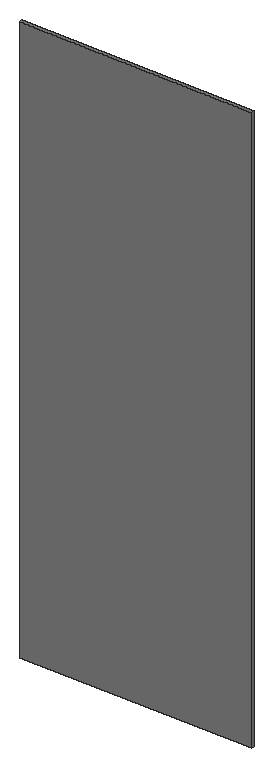
Revit family "MOMENTUM_PANEL_CROSS THE LINE", category Generic Models, Revit 2022
Family settings
  Can host rebar = No
  Round Connector Dimension = Use Diameter
  Part Type = Normal
  Work Plane-Based = No
  Always vertical = Yes
  Cut with Voids When Loaded = No
  Maintain Annotation Orientation = No
  Shared = No
  Room Calculation Point = No
Parameters (values of type "cross_the_line_pnl-stone-09572891")
  Warranty URL = "https://momentumtextilesandwalls.com/products/09579227/warranty"
  URL = "https://momentumtextilesandwalls.com/solutions/acoustics"
  Type Comments = ""
  Support Email = "customerservice@momtex.com"
  Product Page URL = "https://momentumtextilesandwalls.com/pages/solutions/acoustics/panels"
  Product Name = "PINDROP PANELS - Cross the line"
  Product Documetation Link = "https://momentumtextilesandwalls.com/pages/solutions/acoustics/resources"
  Pindrop Color = Pindrop - Cross the Line Stone
  Model = "09572891"
  Material = "1/2\" PET Acoustic Felt"
  Manufacturer Phone Number = "+1 800.366.6839"
  Manufacturer Email = "customerservice@momtex.com"
  Manufacturer Address = "17811 Fitch, Irvine, California 92614"
  Manufacturer = "Momentum"
  Keynote = "09840.A1"
  Instruction Sheet Link = "https://momentumtextilesandwalls-res.cloudinary.com/image/upload/v1/pdf/solid_color_installation_guide.pdf?_a=AAFIKDQ"
  Installation Type = "Construction Adhesive"
  Description = "WALL TO WALL, FLOOR TO CEILING: complete coverage for noisy spaces. Panels can be easily trimmed on-site or made to your exact measurements to ensure a perfect fit. Available in solid colors, textured colors and etched or printed Statement Patterns. Made from recycled PET felt (0.5\"), Red List free with an NRC value of 0.45-0.9.\r\nZURI texture pattern: The warmth of wood textures, made to create a natural hush. Available in 6 colors, Zuri's contemporary and welcoming pattern has infinite applications."
  Default Elevation = 0"
  Cost = 0
  Copyright = "Copyright © 2023 Momentum"
  Assembly Code = "C3010140"
Types (6): name | Pindrop Color | Model
  cross_the_line_pnl-carbon-09572902 | Pindrop - Cross the Line Carbon | "09572902"
  cross_the_line_pnl-celestial-09572913 | Pindrop - Cross the Line Celestial | "09572913"
  cross_the_line_pnl-festival-09572924 | Pindrop - Cross the Line Festival | "09572924"
  cross_the_line_pnl-grayscale-09572880 | Pindrop - Cross the Line Grayscale | "09572880"
  cross_the_line_pnl-obsidian-09572935 | Pindrop - Cross the Line Obsidian | "09572935"
  cross_the_line_pnl-stone-09572891 | Pindrop - Cross the Line Stone | "09572891"
Reference planes (in)
  plane 1 "Center (Front/Back)": y = 0
  plane 2: z = 0
  plane 3 "Center (Left/Right)": x = 0
  plane 4: y = -0.5
Forms (in)
  Extrusion 1, solid, material "Pindrop - Cross the Line Stone" <- "Pindrop Color"
    sketch origin (0, 0, 0) x (1, 0, 0) y (0, 0, 1)
      loop
        line (0, 0) -> (48, 0) -> (48, 118) -> (0, 118) -> (0, 0)
    from 0 to 0.5
Dimensions and locks (in)
  locked: Extrusion 1 sketch curve to Extrusion 1 sketch curve at 48
  locked: Extrusion 1 sketch curve to Extrusion 1 sketch curve at 118
  plane 4 to plane 1 "Center (Front/Back)" = 1/2"
  aligned and locked: level to plane 2
  aligned and locked: Extrusion 1 sketch curve to level
  aligned and locked: Extrusion 1 sketch curve to plane 3 "Center (Left/Right)"
  aligned and locked: Extrusion 1 to plane 1 "Center (Front/Back)"
  aligned and locked: Extrusion 1 to plane 4
